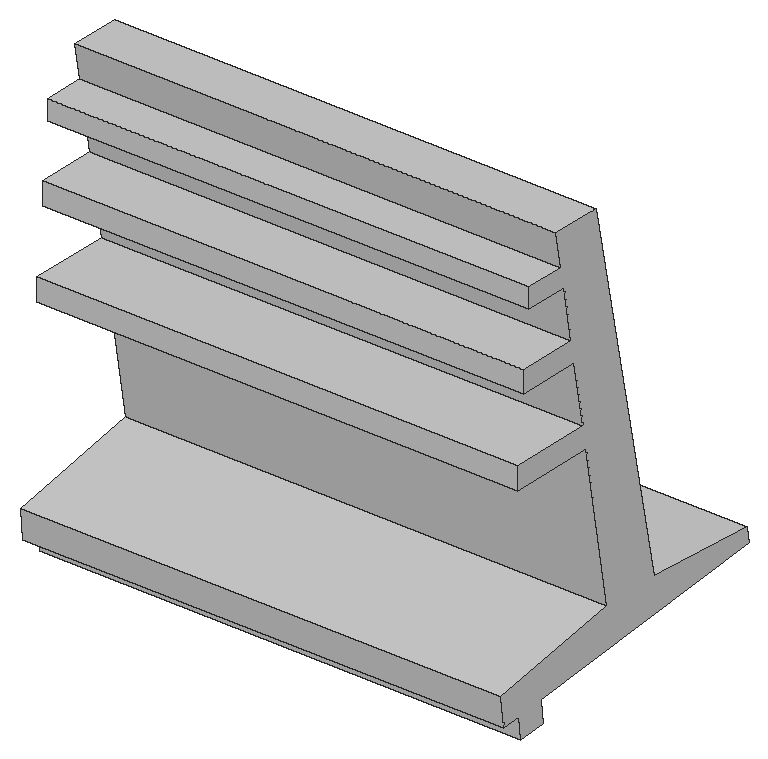
Revit family "10bb10ac92a242bfa82c5ccf9be77367", category Structural Foundations, Revit 2021
Family settings
  Material for Model Behavior = Other
  Cap = No
  OmniClass Number = 23.10.20.14
  OmniClass Title = Retaining Walls
  Seek Item ID = RetainingWall_Par_Family_Shelf3_Key-0000-USA-ENU
  Work Plane-Based = No
  Always vertical = Yes
  Cut with Voids When Loaded = No
  Shared = No
Parameters (values of type "Standard")
  h7 = h4 - h6  # 12' - 7.67104"
  h6 = Gw1 * tan(Alpha - Beta)  # -0' - 1.39854"
  h4 = (H - Gf3 * cos(Alpha) + Bw * sin(Alpha)) / cos(Beta)  # 12' - 6.27251"
  h3 = (H - Gf3 * cos(Alpha) + (Bw + Gw2) * sin(Alpha)) / cos(Beta)  # 12' - 8.81989"
  h2 = (Bw + Gw2) * sin(Alpha)  # 0' - 7.42152"
  h1 = Gf4 * cos(Alpha)  # 1' - 3.91235"
  TmpBs3 = Gf4 * sin(Alpha) + (Bw + Gw2) * cos(Alpha) + (H - Hs3 - Gs3 - h1 + h2) * sin(Beta) + Bs3  # 9' - 10.13811"
  TmpBs2 = Gf4 * sin(Alpha) + (Bw + Gw2) * cos(Alpha) + (H - Hs2 - Gs2 - h1 + h2) * sin(Beta) + Bs2  # 9' - 7.04215"
  TmpBs1 = Gf4 * sin(Alpha) + (Bw + Gw2) * cos(Alpha) + (H - Hs1 - Gs1 - h1 + h2) * sin(Beta) + Bs1  # 9' - 4.2516"
  Tmp2 = (Bw + Gf3 * tan(Alpha - Gamma)) * cos(Alpha - Gamma)  # 3' - 9.43952"
  Tmp1 = (Bw + Gw2 + Gf4 * tan(Alpha - Beta)) * cos(Alpha - Beta)  # 5' - 9 91/128"
  Structural Material [instance] = Concrete, Cast-in-Place gray
  Length [instance] = 16' - 5"
  Hs3 = 6' - 5"
  Hs2 = 3' - 7"
  Hs1 = 1' - 2"
  Hk = 0' - 9"
  H = 13' - 1"
  Gw2 = 2' - 0"
  Gw1 = 1' - 8"
  Gs3 = 0' - 9"
  Gs2 = 0' - 9"
  Gs1 = 0' - 8"
  Gk = 0' - 11"
  Gf4 = 1' - 4"
  Gf3 = 1' - 2"
  Gf2 = 1' - 0"
  Gf1 = 0' - 6"
  Gamma2 = atan((Gw2 * cos(Alpha - Beta) - Gw1 * cos(Alpha - Beta)) / h7)  # 1.50703°
  Gamma = Gamma2 + Beta  # 11.507°
  Bw = 3' - 11"
  Bs3 = 2' - 11"
  Bs2 = 2' - 2"
  Bs1 = 1' - 6"
  Bk = 0' - 8"
  Beta = 10.00°
  B = 10' - 6"
  Assembly Code = ""
  Alpha = 6.00°
Reference planes (in)
  plane 1 "Center (Front/Back)": y = 0
  plane 2: z = 0
  plane 3 "Center (Left/Right)": x = 0
  plane 4: z = 157
  plane 5: x = 197
  plane 6: z = 143
  plane 7: z = 135
  plane 8: y = -112.2516
  plane 9: z = 114
  plane 10: z = 105
  plane 11: y = -115.04215
  plane 12: z = 80
  plane 13: z = 71
  plane 14: y = -118.13811
Forms (in)
  Sweep 1, solid, material "Concrete, Cast-in-Place gray" <- "Structural Material"
    path origin (0, 0, 0) x (1, 0, 0) y (0, 1, 0)
      loop
        line (0, 0) -> (197, 0)
    profile "Shelf3-Profile_Key : Shelf3-Profile_Key" origin (98.5, 0, 0) x (0, 1, 0) y (0, 0, 1)
      loop
        line (-78.33364, 157) -> (-98.46968, 157) -> (-96.00111, 143) -> (-112.2516, 143) -> (-112.2516, 135) -> (-94.59049, 135) -> (-90.88762, 114) -> (-115.04215, 114) -> (-115.04215, 105) -> (-89.30068, 105) -> (-84.89251, 80) -> (-118.13811, 80) -> (-118.13811, 71) -> (-83.30556, 71) -> (-72.28351, 8.49083) -> (-126.5641, -1.23632) -> (-125.30976, -13.17059) -> (-117.35358, -12.33436) -> (-116.41283, -21.28506) -> (-105.47309, -20.13524) -> (-106.41384, -11.18455) -> (0, 0) -> (-0.62717, 5.96713) -> (-48.20593, 9.01047) -> (-78.33364, 157)
Dimensions and locks (in)
  "H": plane 4 to plane 2
  "Length": plane 3 "Center (Left/Right)" to plane 5
  "Hs1": plane 4 to plane 6
  "Gs1": plane 6 to plane 7
  "TmpBs1": plane 8 to plane 1 "Center (Front/Back)"
  "Hs2": plane 4 to plane 9
  "Gs2": plane 9 to plane 10
  "TmpBs2": plane 1 "Center (Front/Back)" to plane 11
  "Hs3": plane 4 to plane 12
  "Gs3": plane 12 to plane 13
  "TmpBs3": plane 1 "Center (Front/Back)" to plane 14
  aligned and locked: plane 3 "Center (Left/Right)" to Sweep 1 sketch curve
  aligned and locked: plane 5 to Sweep 1 sketch curve
  aligned and locked: plane 1 "Center (Front/Back)" to Sweep 1 sketch curve
